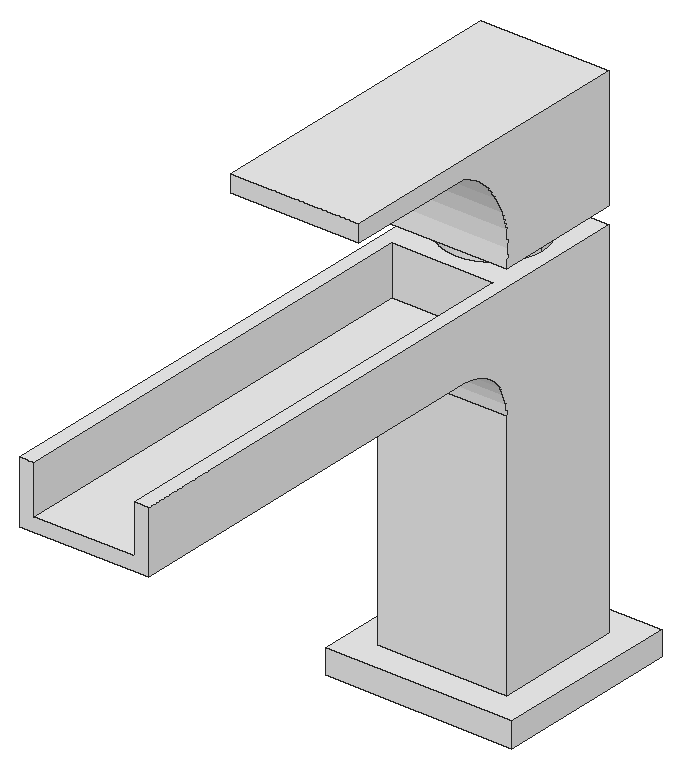
Revit family "Deca_Monocomando Lavatório para Cubas de Apoio Unic_2875.C90.CAS_Bica Alta", category Plumbing Fixtures, host Face, Revit 2012
Parameters (values of type "2875.C90.CAS_Cromado CR10")
  WFU = 0
  Vendido Separadamente = ""
  Variações de COR = "Cromado (2875.C90.CAS); Gold (2875.D90.CAS.GLD)."  # constant formula
  URL = "www.deca.com.br/produtos"
  Segmento = "Luxo"  # constant formula
  Raio Água Quente = 7.5 mm  # constant formula
  Raio Água Fria = 7.5 mm  # constant formula
  Produto = "Monocomando lavatório bica alta para cubas de apoio"  # constant formula
  Pressão = "2 A 40 mca"  # constant formula
  Peso Liquido (Kg) = 1.44
  Norma = "ABNT NBR 15267: 2005"  # constant formula
  Monocomando = Deca CR10 Cromado Metal
  Model = Código  # "2875.C90.CAS"
  Material = "Deca_Latão Cromado e Plástico de Engenharia"  # constant formula
  Manufacturer = "Deca"  # constant formula
  Louça/Metais = "Metal"  # constant formula
  Linha = "Unic"  # constant formula
  Informações Complementares = "Mecanismo: Monocomando"  # constant formula
  HWFU = 0
  Flow Pressure = 0.00 psi
  Diâmetro Água Quente = Raio Água Quente * 2  # 15 mm
  Diâmetro Água Fria = Raio Água Fria * 2  # 15 mm
  Description = "Monocomando lavatório mesa bica baixa"  # constant formula
  Default Elevation = 0 mm
  Código = "2875.C90.CAS"
  Criado por = "Contino/quattroD"  # constant formula
  Consumo = "Varia com a pressão"  # constant formula
  CWFU = 0
  Atendimento ao Cliente = "0800-0117073"  # constant formula
  Assembly Code = "D2020"
  Aprovado por = "Contino/quattroD"  # constant formula
  Acompanha o Produto = "Ligação Flexível"  # constant formula
Types (3, lengths in mm): name | Monocomando | Model | Código
  (no name) | Deca CR10 Cromado Metal | "2875.C90.CAS" | "2875.C90.CAS"
  2875.C90.CAS_Cromado CR10 | Deca CR10 Cromado Metal | "2875.C90.CAS" | "2875.C90.CAS"
  2875.D90.CAS.GLD_Gold GLD | Deca GLD Gold Metal | "2875.D90.CAS.GLD" | "2875.D90.CAS.GLD"
Reference planes
  plane 1 "Center (Front/Back)": y = 0
  plane 2: z = 0
  plane 3 "Center (Left/Right)": x = 0
  plane 4 "Top 1": z = 85.471
  plane 5 "Back 1": y = 26.9
  plane 6 "Front 2": y = -71.536
  plane 7 "Front 1": y = -26.9
  plane 8 "Top 2": z = 152.144
  plane 9 "Front 3": y = -147.5
  plane 10 "Rigth 2": x = 26.9
  plane 11 "Left 2": x = -26.9
  plane 12 "Left 1": x = -18.5
  plane 13 "Right 1": x = 18.5
Forms (mm)
  Extrusion 1, solid, material "Deca CR10 Cromado Metal" <- "Monocomando", not visible
    sketch origin (0, 0, 0) x (1, 0, 0) y (0, 1, 0)
      loop
        circle (-14.2, 0) r 7.5
    from 0 to 3.378
  Extrusion 2, solid, material "Deca CR10 Cromado Metal" <- "Monocomando", not visible
    sketch origin (0, 0, 0) x (1, 0, 0) y (0, 1, 0)
      loop
        circle (14.2, 0) r 7.5
    from 0 to 3.378
  Extrusion 3, solid, material "Deca CR10 Cromado Metal" <- "Monocomando"
    sketch origin (0, 0, 0) x (1, 0, 0) y (0, 1, 0)
      loop
        line (-26.9, 26.9) -> (-26.9, -26.9) -> (26.9, -26.9) -> (26.9, 26.9) -> (-26.9, 26.9)
    from 0 to 7
  Extrusion 4, solid, material "Deca CR10 Cromado Metal" <- "Monocomando"
    sketch origin (0, 0, 0) x (1, 0, 0) y (0, 1, 0)
      loop
        line (-18.5, 18.464) -> (-18.5, -18.5) -> (18.5, -18.5) -> (18.5, 18.464) -> (-18.5, 18.464)
    from 7 to 94.221
  Extrusion 5, solid, material "Deca CR10 Cromado Metal" <- "Monocomando"
    sketch origin (0, 0, -154.999) x (0, 1, 0) y (0, 0, 1)
      loop
        line (-71.536, 307.143) -> (-71.536, 302.144) -> (-33.536, 302.144)
        arc (-33.536, 302.144) -> (-20.962, 289.681) -> (-18.536, 272.144) r 27.623
        line (-18.536, 272.144) -> (18.464, 272.144) -> (18.464, 307.143) -> (-71.536, 307.143)
    from -18.5 to 18.5
  Extrusion 6, solid, material "Deca CR10 Cromado Metal" <- "Monocomando"
    sketch origin (0, 0, -154.999) x (1, 0, 0) y (0, 1, 0)
      loop
        circle (0, 0) r 14
    from 267 to 272.144
  Extrusion 7, solid, material "Deca CR10 Cromado Metal" <- "Monocomando"
    sketch origin (175.898, 0, -154.779) x (1, 0, 0) y (0, 0, 1)
      loop
        line (-194.398, 267) -> (-194.398, 249) -> (-157.398, 249) -> (-157.398, 267) -> (-194.398, 267)
    from -18.5 to 147.5
  Extrusion 8, solid, material "Deca CR10 Cromado Metal" <- "Monocomando"
    sketch origin (0, 0, -154.779) x (0, 1, 0) y (0, 0, 1)
      loop
        arc (-33.5, 249) -> (-22.893, 244.607) -> (-18.5, 234) r 15
        line (-18.5, 234) -> (-18.5, 249) -> (-33.5, 249)
    from -18.5 to 18.5
  Extrusion 9, void
    sketch origin (0, 0, 0) x (1, 0, 0) y (0, 0, 1)
      loop
        line (-14.5, 112.221) -> (-14.5, 98.221) -> (14.5, 98.221) -> (14.5, 112.221) -> (-14.5, 112.221)
    from 18.536 to 147.5
Cuts and joins
  Extrusion 9 cuts Extrusion 4
  Extrusion 9 cuts Extrusion 7
  Extrusion 9 cuts Extrusion 8
  joined: Extrusion 4, Extrusion 7, Extrusion 8
  Extrusion 9 cuts Extrusion 6
Lines and regions (mm)
  Masking region 1
    outline origin (0, 0, 0) x (1, 0, 0) y (0, 1, 0)
      loop
        line (-18.5, -147.5) -> (18.5, -147.5) -> (18.5, -26.9) -> (26.9, -26.9) -> (26.9, 26.9) -> (-26.9, 26.9) -> (-26.9, -26.9) -> (-18.5, -26.9) -> (-18.5, -147.5)
  Masking region 2
    outline origin (0, 0, 0) x (1, 0, 0) y (0, 0, 1)
      loop
        line (-26.9, 0) -> (26.9, 0) -> (26.9, 7) -> (18.5, 7) -> (18.5, 152.144) -> (-18.5, 152.144) -> (-18.5, 7) -> (-26.9, 7) -> (-26.9, 0)
  Masking region 3
    outline origin (0, 0, 0) x (0, 1, 0) y (0, 0, 1)
      loop
        line (-26.9, 0) -> (26.9, 0) -> (26.9, 7) -> (18.5, 7) -> (18.5, 112.001) -> (16.61, 112.001) -> (16.61, 117.144)
        arc (16.61, 117.144) -> (15.528, 120.079) -> (14.246, 122.931) r 45.233
        line (14.246, 122.931) -> (18.464, 124.898) -> (18.464, 152.144) -> (-71.536, 152.144) -> (-71.536, 147.144) -> (-33.536, 147.144)
        arc (-33.536, 147.144) -> (-20.962, 134.682) -> (-18.536, 117.144) r 27.623
        line (-18.536, 117.144) -> (-16.61, 117.144) -> (-16.61, 112.001) -> (-147.5, 112.001) -> (-147.5, 94.001) -> (-140.719, 94.001) -> (-140.719, 85.451) -> (-112.5, 85.451) -> (-112.5, 94.001) -> (-33.5, 94.001)
        arc (-33.5, 94.001) -> (-23.771, 90.417) -> (-18.69, 81.379) r 15
        line (-18.69, 81.379) -> (-18.69, 7) -> (-26.9, 7) -> (-26.9, 0)
  symbolic lines
    curve 1: line (18.5, -26.9, 0) -> (18.5, 18.464, 0)
    curve 2: line (18.5, 18.464, 0) -> (-18.5, 18.464, 0)
    curve 3: line (-18.5, 18.464, 0) -> (-18.5, -26.9, 0)
    curve 4: line (-18.5, -71.536, 0) -> (18.5, -71.536, 0)
    curve 5: line (18.5, 0, 147.144) -> (-18.5, 0, 147.144)
    curve 6: line (-18.5, 0, 132.144) -> (18.5, 0, 132.144)
    curve 7: line (18.5, 0, 112) -> (-18.5, 0, 112)
    curve 8: line (16.61, 0, 114.5) -> (-16.61, 0, 114.5)
    curve 9: line (-18.5, 0, 117.144) -> (18.5, 0, 117.144)
    curve 10: line (16.61, 0, 112) -> (16.61, 0, 114.5)
    curve 11: arc (16.61, 0, 114.5) -> (16.557, 0, 115.826) -> (16.398, 0, 117.144) r 16.61
    curve 12: arc (-16.398, 0, 117.144) -> (-16.557, 0, 115.826) -> (-16.61, 0, 114.5) r 16.61
    curve 13: line (-16.61, 0, 114.5) -> (-16.61, 0, 112)
    curve 14: line (-18.5, 0, 94) -> (18.5, 0, 94)
    curve 15: line (-12, 0, 93.85) -> (-12, 0, 86.106)
    curve 16: line (12, 0, 86.106) -> (12, 0, 93.85)
    curve 17: line (11, 0, 85.45) -> (-11, 0, 85.45)
    curve 18: line (12, 0, 86.106) -> (11, 0, 85.45)
    curve 19: line (-11, 0, 85.45) -> (-12, 0, 86.106)
    curve 20: line (18.5, 0, 79) -> (-18.5, 0, 79)
    curve 21: line (18.5, 0, 7) -> (-18.5, 0, 7)
    curve 22: line (0, -18.5, 7) -> (0, 18.5, 7)
    curve 23: line (0, -16.61, 112.001) -> (0, 16.61, 112.001)
    curve 24: line (0, -16.61, 117.144) -> (0, 1.852, 117.144)
    curve 25: line (0, 1.852, 117.144) -> (0, 14.249, 122.925)
    curve 26: line (0, -112.5, 94.001) -> (0, -140.719, 94.001)
Dimensions and locks
  plane 4 "Top 1" to host face = 85.471 mm
  plane 8 "Top 2" to host face = 152.144 mm  (x2)
  plane 11 "Left 2" to plane 10 "Rigth 2" = 53.8 mm  (x2)
  plane 8 "Top 2" to plane 4 "Top 1" = 66.673 mm
  plane 6 "Front 2" to plane 1 "Center (Front/Back)" = 71.536 mm
  plane 9 "Front 3" to plane 5 "Back 1" = 174.4 mm  (x2)
  plane 7 "Front 1" to plane 5 "Back 1" = 53.8 mm
  plane 8 "Top 2" to plane 4 "Top 1" to host face = 66.673 mm, 85.471 mm
  plane 1 "Center (Front/Back)" to plane 5 "Back 1" = 26.9 mm
  plane 6 "Front 2" to plane 9 "Front 3" = 75.964 mm
  plane 12 "Left 1" to plane 13 "Right 1" = 37 mm
  aligned and locked: host face to plane 2
  aligned and locked: level to host face
Connectors
  piping at (-14.2, 0, 0), driven by "Raio Água Quente", driven by "Flow Pressure", driven by "HWFU"
    settings: on Extrusion 1, index 1, connector radius 0.29528", flow factor 0, pipe flow 0 GPM, pressure drop 0.00 psi, fitting loss kfactor 0, connector angle 0.00°, fixture units 0, engagement length 0 mm, flow configuration 3, flow direction 1, fitting loss method 4, system type 19, joint type 0, gender type 0, connector reference index -1, connector utility 0, adjustable connector no, is connector primary yes, fitting loss table "", connector description ""
  piping at (14.2, 0, 0), driven by "Raio Água Fria", driven by "Flow Pressure", driven by "CWFU"
    settings: on Extrusion 2, index 2, connector radius 0.29528", flow factor 0, pipe flow 0 GPM, pressure drop 0.00 psi, fitting loss kfactor 0, connector angle 0.00°, fixture units 0, engagement length 0 mm, flow configuration 3, flow direction 1, fitting loss method 4, system type 20, joint type 0, gender type 0, connector reference index -1, connector utility 0, adjustable connector no, is connector primary no, fitting loss table "", connector description ""
